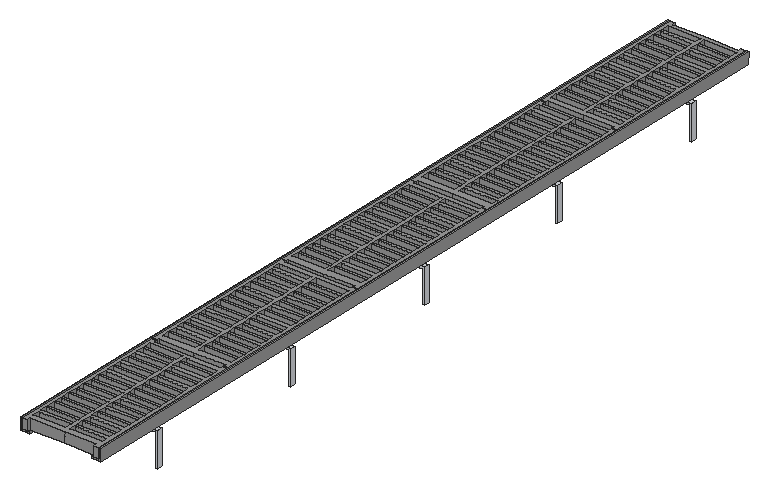
Revit family "Frame_Grate_12_Inch_Frame_Z712-HDG", category Plumbing Fixtures, Revit 2022
Family settings
  Round Connector Dimension = Use Radius
  Part Type = Normal
  OmniClass Number = 23.70.50.21.24.14
  OmniClass Title = Deck Waste Water Drains
  Work Plane-Based = No
  Always vertical = Yes
  Cut with Voids When Loaded = No
  Maintain Annotation Orientation = No
  Shared = No
  Room Calculation Point = No
Parameters (values of type "Z712-HDG")
  Waste Connection = 1 = 1  # yes
  WFU = 1  # constant formula
  Vent Connection = 1 = 0  # no
  URL = "www.zurn.com"
  Type Comments = ""
  Product data url = "https://bimobject.com/zurnindustries/product/Z712-HDG"
  Product Page URL = "https://www.zurn.com/products/drainage-interceptors/trench-drain-systems/frame-and-grate/z712-hdg"
  Product Documentation Link = "https://files.zurn.com/spec-sheets/303231.pdf"
  Modified Date = "11/28/2025"  # constant formula
  Model = "Z712-HDG"
  Material_Grate = Steel - Zurn  - Galvanized
  Manufacurer Brand = "Zurn"  # constant formula
  Manufacturer = "Zurn Water, LLC"  # constant formula
  HWFU = 0  # constant formula
  HW Connection = 1 = 0  # no
  Description = "12 [305] INCH WIDE REVEAL FRAME AND GRATE SYSTEM WITH GALVANIZED STEEL FRAME"  # constant formula
  Default Elevation = 10.000"  # constant formula
  Date Created = "11/26/2025"  # constant formula
  CWFU = 0  # constant formula
  CW Connection = 1 = 0  # no
  Assembly Code = "D2030300"
Reference planes (in)
  plane 1 "Center (Front/Back)": y = 0
  plane 2: z = 0
  plane 3 "Center (Left/Right)": x = 0
  plane 4: y = -60
  plane 5: y = 60
  plane 6: z = -1.75
  plane 7: z = -2
  plane 8: x = -6
  plane 9: x = 6
  plane 10: z = -2.5
  plane 11: x = 5.75
  plane 12: x = -5.75
  plane 13: z = -1.5
  plane 14: x = -4.625
  plane 15: x = 4.625
  plane 16: z = -1.5
  plane 17: y = -23.56
  plane 18: y = -47.5
  plane 19: y = -23.531
  plane 20: y = -23.5455
  plane 21: y = 0.409
  plane 22: y = 24.378
  plane 23: y = 0.438
  plane 24: x = -5.375
  plane 25: y = -36.46
  plane 26: y = -36.06
  plane 27: y = -59.6
  plane 28: y = -60
  plane 29: y = 24.407
  plane 30: y = 24.3925
  plane 31: x = -5
  plane 32: y = -23.5455
  plane 33: y = 0.4235
  plane 34: y = -36.48756
  plane 35: y = -36.48756
  plane 36: y = -37.48756
  plane 37: y = -60
  plane 38: y = -47.529
  plane 39: x = 5.125
  plane 40: x = -5.125
  plane 41: x = 0.25
  plane 42: x = -0.25
  plane 43: x = 5.625
  plane 44: x = -5.625
  plane 45: y = -12.48756
  plane 46: y = -12.48756
  plane 47: y = -13.48756
  plane 48: y = 11.51244
  plane 49: y = 11.51244
  plane 50: y = 10.51244
  plane 51: y = 35.62554
  plane 52: y = 35.62554
  plane 53: y = 34.62554
  plane 54: y = 59.51244
  plane 55: y = 59.51244
  plane 56: y = 58.51244
  plane 57: y = -36.48756
  plane 58: y = -36.48756
  plane 59: y = -37.48756
  plane 60: y = -12.48756
  plane 61: y = -12.48756
  plane 62: y = -13.48756
  plane 63: y = 11.51244
  plane 64: y = 11.51244
  plane 65: y = 10.51244
  plane 66: y = 35.62554
  plane 67: y = 35.62554
  plane 68: y = 34.62554
  plane 69: y = 59.51244
  plane 70: y = 59.51244
  plane 71: y = 58.51244
  plane 72: z = -6.75
  plane 73: x = 6.548
  plane 74: x = -6.548
  plane 75: x = -6.298
  plane 76: x = 6.298
  plane 77: y = 49.5
  plane 78: y = 48.75
  plane 79: y = 24
  plane 80: y = 24.75
  plane 81: y = -0.75
  plane 82: y = -25.5
  plane 83: y = -24.75
  plane 84: y = -49.5
  plane 85: y = -50.25
Forms (in)
  Extrusion 1, solid, material "Steel - Zurn  - Galvanized" <- "Material_Grate", detail levels fine
    sketch origin (0, 0, 0) x (1, 0, 0) y (0, 0, 1)
      loop
        line (-6, 0) -> (-6, -1.75) -> (-4.625, -1.75) -> (-4.625, -1.5) -> (-5.75, -1.5) -> (-5.75, 0) -> (-6, 0)
      loop
        line (6, 0) -> (5.75, 0) -> (5.75, -1.5) -> (4.625, -1.5) -> (4.625, -1.75) -> (6, -1.75) -> (6, 0)
    from -60 to 60
  Extrusion 2, solid, material "Steel - Zurn  - Galvanized" <- "Material_Grate", detail levels fine
    sketch origin (0.25, -12.5, 0) x (1, 0, 0) y (0, 1, 0)
      loop
        line (-5.875, -47.5) -> (-5.1875, -47.5) -> (-5.1875, -47.1) -> (0, -47.1) -> (4.687, -47.1) -> (4.687, -47.5) -> (5.375, -47.5) -> (5.375, -23.56) -> (4.687, -23.56) -> (4.687, -23.96) -> (0, -23.96) -> (-5.1875, -23.96) -> (-5.1875, -23.56) -> (-5.875, -23.56) -> (-5.875, -47.5)
      loop
        line (-5.875, 0.48) -> (-5.875, -23.46) -> (-5.1875, -23.46) -> (-5.1875, -23.06) -> (0, -23.06) -> (4.687, -23.06) -> (4.687, -23.46) -> (5.375, -23.46) -> (5.375, 0.48) -> (4.687, 0.48) -> (4.687, 0.17441) -> (0, 0.17441) -> (-5.1875, 0.17441) -> (-5.1875, 0.48) -> (-5.875, 0.48)
      loop
        line (-5.875, 72.5) -> (-5.875, 48.56) -> (-5.1875, 48.56) -> (-5.1875, 48.96) -> (0, 48.96) -> (4.687, 48.96) -> (4.687, 48.56) -> (5.375, 48.56) -> (5.375, 72.5) -> (4.687, 72.5) -> (4.687, 72.1) -> (0, 72.1) -> (-5.1875, 72.1) -> (-5.1875, 72.5) -> (-5.875, 72.5)
      loop
        line (-5.875, 24.52) -> (-5.1875, 24.52) -> (-5.1875, 24.82559) -> (0, 24.82559) -> (4.687, 24.82559) -> (4.687, 24.52) -> (5.375, 24.52) -> (5.375, 48.46) -> (4.687, 48.46) -> (4.687, 48.06) -> (0, 48.06) -> (-5.1875, 48.06) -> (-5.1875, 48.46) -> (-5.875, 48.46) -> (-5.875, 24.52)
      loop
        line (-5.875, 0.52729) -> (-5.1875, 0.52729) -> (-5.1875, 0.83288) -> (0, 0.83288) -> (4.687, 0.83288) -> (4.687, 0.52729) -> (5.375, 0.52729) -> (5.375, 24.46729) -> (4.687, 24.46729) -> (4.687, 24.06729) -> (0, 24.06729) -> (-5.1875, 24.06729) -> (-5.1875, 24.46729) -> (-5.875, 24.46729) -> (-5.875, 0.52729)
    from -1.5 to 0
  Extrusion 3, void
    sketch origin (0, 9.25244, 0) x (-1, 0, 0) y (0, -1, 0)
      loop
        line (-5.125, 48.7025) -> (-5.125, 47.7025) -> (-0.25, 47.7025) -> (-0.25, 48.7025) -> (-5.125, 48.7025)
      loop
        line (-5.125, 50.0775) -> (-5.125, 49.0775) -> (-0.25, 49.0775) -> (-0.25, 50.0775) -> (-5.125, 50.0775)
      loop
        line (-5.125, 51.4525) -> (-5.125, 50.4525) -> (-0.25, 50.4525) -> (-0.25, 51.4525) -> (-5.125, 51.4525)
      loop
        line (-5.125, 52.8275) -> (-5.125, 51.8275) -> (-0.25, 51.8275) -> (-0.25, 52.8275) -> (-5.125, 52.8275)
      loop
        line (-5.125, 54.2025) -> (-5.125, 53.2025) -> (-0.25, 53.2025) -> (-0.25, 54.2025) -> (-5.125, 54.2025)
      loop
        line (-5.125, 55.5775) -> (-5.125, 54.5775) -> (-0.25, 54.5775) -> (-0.25, 55.5775) -> (-5.125, 55.5775)
      loop
        line (-5.125, 56.9525) -> (-5.125, 55.9525) -> (-0.25, 55.9525) -> (-0.25, 56.9525) -> (-5.125, 56.9525)
      loop
        line (-5.125, 58.3275) -> (-5.125, 57.3275) -> (-0.25, 57.3275) -> (-0.25, 58.3275) -> (-5.125, 58.3275)
      loop
        line (-5.125, 59.7025) -> (-5.125, 58.7025) -> (-0.25, 58.7025) -> (-0.25, 59.7025) -> (-5.125, 59.7025)
      loop
        line (-5.125, 61.0775) -> (-5.125, 60.0775) -> (-0.25, 60.0775) -> (-0.25, 61.0775) -> (-5.125, 61.0775)
      loop
        line (-5.125, 62.4525) -> (-5.125, 61.4525) -> (-0.25, 61.4525) -> (-0.25, 62.4525) -> (-5.125, 62.4525)
      loop
        line (-5.125, 63.8275) -> (-5.125, 62.8275) -> (-0.25, 62.8275) -> (-0.25, 63.8275) -> (-5.125, 63.8275)
      loop
        line (-5.125, 65.2025) -> (-5.125, 64.2025) -> (-0.25, 64.2025) -> (-0.25, 65.2025) -> (-5.125, 65.2025)
      loop
        line (-5.125, 66.5775) -> (-5.125, 65.5775) -> (-0.25, 65.5775) -> (-0.25, 66.5775) -> (-5.125, 66.5775)
      loop
        line (-5.125, 67.9525) -> (-5.125, 66.9525) -> (-0.25, 66.9525) -> (-0.25, 67.9525) -> (-5.125, 67.9525)
      loop
        line (-5.125, 47.3275) -> (-5.125, 46.3275) -> (-0.25, 46.3275) -> (-0.25, 47.3275) -> (-5.125, 47.3275)
      loop
        line (5.125, 48.7025) -> (0.25, 48.7025) -> (0.25, 47.7025) -> (5.125, 47.7025) -> (5.125, 48.7025)
      loop
        line (5.125, 50.0775) -> (0.25, 50.0775) -> (0.25, 49.0775) -> (5.125, 49.0775) -> (5.125, 50.0775)
      loop
        line (5.125, 51.4525) -> (0.25, 51.4525) -> (0.25, 50.4525) -> (5.125, 50.4525) -> (5.125, 51.4525)
      loop
        line (5.125, 52.8275) -> (0.25, 52.8275) -> (0.25, 51.8275) -> (5.125, 51.8275) -> (5.125, 52.8275)
      loop
        line (5.125, 54.2025) -> (0.25, 54.2025) -> (0.25, 53.2025) -> (5.125, 53.2025) -> (5.125, 54.2025)
      loop
        line (5.125, 55.5775) -> (0.25, 55.5775) -> (0.25, 54.5775) -> (5.125, 54.5775) -> (5.125, 55.5775)
      loop
        line (5.125, 56.9525) -> (0.25, 56.9525) -> (0.25, 55.9525) -> (5.125, 55.9525) -> (5.125, 56.9525)
      loop
        line (5.125, 58.3275) -> (0.25, 58.3275) -> (0.25, 57.3275) -> (5.125, 57.3275) -> (5.125, 58.3275)
      loop
        line (5.125, 59.7025) -> (0.25, 59.7025) -> (0.25, 58.7025) -> (5.125, 58.7025) -> (5.125, 59.7025)
      loop
        line (5.125, 61.0775) -> (0.25, 61.0775) -> (0.25, 60.0775) -> (5.125, 60.0775) -> (5.125, 61.0775)
      loop
        line (5.125, 62.4525) -> (0.25, 62.4525) -> (0.25, 61.4525) -> (5.125, 61.4525) -> (5.125, 62.4525)
      loop
        line (5.125, 63.8275) -> (0.25, 63.8275) -> (0.25, 62.8275) -> (5.125, 62.8275) -> (5.125, 63.8275)
      loop
        line (5.125, 65.2025) -> (0.25, 65.2025) -> (0.25, 64.2025) -> (5.125, 64.2025) -> (5.125, 65.2025)
      loop
        line (5.125, 66.5775) -> (0.25, 66.5775) -> (0.25, 65.5775) -> (5.125, 65.5775) -> (5.125, 66.5775)
      loop
        line (5.125, 67.9525) -> (0.25, 67.9525) -> (0.25, 66.9525) -> (5.125, 66.9525) -> (5.125, 67.9525)
      loop
        line (5.125, 47.3275) -> (0.25, 47.3275) -> (0.25, 46.3275) -> (5.125, 46.3275) -> (5.125, 47.3275)
    from -1.5 to 0
  Extrusion 4, solid, detail levels fine
    sketch origin (0, 0, 0) x (1, 0, 0) y (0, 0, 1)
      loop
        line (5.125, -2) -> (6.298, -2) -> (6.298, -6.75) -> (6.548, -6.75) -> (6.548, -1.75) -> (5.125, -1.75) -> (5.125, -2)
      loop
        line (-6.548, -1.75) -> (-6.548, -6.75) -> (-6.298, -6.75) -> (-6.298, -2) -> (-5.125, -2) -> (-5.125, -1.75) -> (-6.548, -1.75)
    from 0 to 0.75
  Extrusion 5, void
    sketch origin (0, 33.25244, 0) x (-1, 0, 0) y (0, -1, 0)
      loop
        line (-5.125, 48.7025) -> (-5.125, 47.7025) -> (-0.25, 47.7025) -> (-0.25, 48.7025) -> (-5.125, 48.7025)
      loop
        line (-5.125, 50.0775) -> (-5.125, 49.0775) -> (-0.25, 49.0775) -> (-0.25, 50.0775) -> (-5.125, 50.0775)
      loop
        line (-5.125, 51.4525) -> (-5.125, 50.4525) -> (-0.25, 50.4525) -> (-0.25, 51.4525) -> (-5.125, 51.4525)
      loop
        line (-5.125, 52.8275) -> (-5.125, 51.8275) -> (-0.25, 51.8275) -> (-0.25, 52.8275) -> (-5.125, 52.8275)
      loop
        line (-5.125, 54.2025) -> (-5.125, 53.2025) -> (-0.25, 53.2025) -> (-0.25, 54.2025) -> (-5.125, 54.2025)
      loop
        line (-5.125, 55.5775) -> (-5.125, 54.5775) -> (-0.25, 54.5775) -> (-0.25, 55.5775) -> (-5.125, 55.5775)
      loop
        line (-5.125, 56.9525) -> (-5.125, 55.9525) -> (-0.25, 55.9525) -> (-0.25, 56.9525) -> (-5.125, 56.9525)
      loop
        line (-5.125, 58.3275) -> (-5.125, 57.3275) -> (-0.25, 57.3275) -> (-0.25, 58.3275) -> (-5.125, 58.3275)
      loop
        line (-5.125, 59.7025) -> (-5.125, 58.7025) -> (-0.25, 58.7025) -> (-0.25, 59.7025) -> (-5.125, 59.7025)
      loop
        line (-5.125, 61.0775) -> (-5.125, 60.0775) -> (-0.25, 60.0775) -> (-0.25, 61.0775) -> (-5.125, 61.0775)
      loop
        line (-5.125, 62.4525) -> (-5.125, 61.4525) -> (-0.25, 61.4525) -> (-0.25, 62.4525) -> (-5.125, 62.4525)
      loop
        line (-5.125, 63.8275) -> (-5.125, 62.8275) -> (-0.25, 62.8275) -> (-0.25, 63.8275) -> (-5.125, 63.8275)
      loop
        line (-5.125, 65.2025) -> (-5.125, 64.2025) -> (-0.25, 64.2025) -> (-0.25, 65.2025) -> (-5.125, 65.2025)
      loop
        line (-5.125, 66.5775) -> (-5.125, 65.5775) -> (-0.25, 65.5775) -> (-0.25, 66.5775) -> (-5.125, 66.5775)
      loop
        line (-5.125, 67.9525) -> (-5.125, 66.9525) -> (-0.25, 66.9525) -> (-0.25, 67.9525) -> (-5.125, 67.9525)
      loop
        line (-5.125, 47.3275) -> (-5.125, 46.3275) -> (-0.25, 46.3275) -> (-0.25, 47.3275) -> (-5.125, 47.3275)
      loop
        line (5.125, 48.7025) -> (0.25, 48.7025) -> (0.25, 47.7025) -> (5.125, 47.7025) -> (5.125, 48.7025)
      loop
        line (5.125, 50.0775) -> (0.25, 50.0775) -> (0.25, 49.0775) -> (5.125, 49.0775) -> (5.125, 50.0775)
      loop
        line (5.125, 51.4525) -> (0.25, 51.4525) -> (0.25, 50.4525) -> (5.125, 50.4525) -> (5.125, 51.4525)
      loop
        line (5.125, 52.8275) -> (0.25, 52.8275) -> (0.25, 51.8275) -> (5.125, 51.8275) -> (5.125, 52.8275)
      loop
        line (5.125, 54.2025) -> (0.25, 54.2025) -> (0.25, 53.2025) -> (5.125, 53.2025) -> (5.125, 54.2025)
      loop
        line (5.125, 55.5775) -> (0.25, 55.5775) -> (0.25, 54.5775) -> (5.125, 54.5775) -> (5.125, 55.5775)
      loop
        line (5.125, 56.9525) -> (0.25, 56.9525) -> (0.25, 55.9525) -> (5.125, 55.9525) -> (5.125, 56.9525)
      loop
        line (5.125, 58.3275) -> (0.25, 58.3275) -> (0.25, 57.3275) -> (5.125, 57.3275) -> (5.125, 58.3275)
      loop
        line (5.125, 59.7025) -> (0.25, 59.7025) -> (0.25, 58.7025) -> (5.125, 58.7025) -> (5.125, 59.7025)
      loop
        line (5.125, 61.0775) -> (0.25, 61.0775) -> (0.25, 60.0775) -> (5.125, 60.0775) -> (5.125, 61.0775)
      loop
        line (5.125, 62.4525) -> (0.25, 62.4525) -> (0.25, 61.4525) -> (5.125, 61.4525) -> (5.125, 62.4525)
      loop
        line (5.125, 63.8275) -> (0.25, 63.8275) -> (0.25, 62.8275) -> (5.125, 62.8275) -> (5.125, 63.8275)
      loop
        line (5.125, 65.2025) -> (0.25, 65.2025) -> (0.25, 64.2025) -> (5.125, 64.2025) -> (5.125, 65.2025)
      loop
        line (5.125, 66.5775) -> (0.25, 66.5775) -> (0.25, 65.5775) -> (5.125, 65.5775) -> (5.125, 66.5775)
      loop
        line (5.125, 67.9525) -> (0.25, 67.9525) -> (0.25, 66.9525) -> (5.125, 66.9525) -> (5.125, 67.9525)
      loop
        line (5.125, 47.3275) -> (0.25, 47.3275) -> (0.25, 46.3275) -> (5.125, 46.3275) -> (5.125, 47.3275)
    from -1.5 to 0
  Extrusion 6, void
    sketch origin (0, 57.25244, 0) x (-1, 0, 0) y (0, -1, 0)
      loop
        line (-5.125, 48.7025) -> (-5.125, 47.7025) -> (-0.25, 47.7025) -> (-0.25, 48.7025) -> (-5.125, 48.7025)
      loop
        line (-5.125, 50.0775) -> (-5.125, 49.0775) -> (-0.25, 49.0775) -> (-0.25, 50.0775) -> (-5.125, 50.0775)
      loop
        line (-5.125, 51.4525) -> (-5.125, 50.4525) -> (-0.25, 50.4525) -> (-0.25, 51.4525) -> (-5.125, 51.4525)
      loop
        line (-5.125, 52.8275) -> (-5.125, 51.8275) -> (-0.25, 51.8275) -> (-0.25, 52.8275) -> (-5.125, 52.8275)
      loop
        line (-5.125, 54.2025) -> (-5.125, 53.2025) -> (-0.25, 53.2025) -> (-0.25, 54.2025) -> (-5.125, 54.2025)
      loop
        line (-5.125, 55.5775) -> (-5.125, 54.5775) -> (-0.25, 54.5775) -> (-0.25, 55.5775) -> (-5.125, 55.5775)
      loop
        line (-5.125, 56.9525) -> (-5.125, 55.9525) -> (-0.25, 55.9525) -> (-0.25, 56.9525) -> (-5.125, 56.9525)
      loop
        line (-5.125, 58.3275) -> (-5.125, 57.3275) -> (-0.25, 57.3275) -> (-0.25, 58.3275) -> (-5.125, 58.3275)
      loop
        line (-5.125, 59.7025) -> (-5.125, 58.7025) -> (-0.25, 58.7025) -> (-0.25, 59.7025) -> (-5.125, 59.7025)
      loop
        line (-5.125, 61.0775) -> (-5.125, 60.0775) -> (-0.25, 60.0775) -> (-0.25, 61.0775) -> (-5.125, 61.0775)
      loop
        line (-5.125, 62.4525) -> (-5.125, 61.4525) -> (-0.25, 61.4525) -> (-0.25, 62.4525) -> (-5.125, 62.4525)
      loop
        line (-5.125, 63.8275) -> (-5.125, 62.8275) -> (-0.25, 62.8275) -> (-0.25, 63.8275) -> (-5.125, 63.8275)
      loop
        line (-5.125, 65.2025) -> (-5.125, 64.2025) -> (-0.25, 64.2025) -> (-0.25, 65.2025) -> (-5.125, 65.2025)
      loop
        line (-5.125, 66.5775) -> (-5.125, 65.5775) -> (-0.25, 65.5775) -> (-0.25, 66.5775) -> (-5.125, 66.5775)
      loop
        line (-5.125, 67.9525) -> (-5.125, 66.9525) -> (-0.25, 66.9525) -> (-0.25, 67.9525) -> (-5.125, 67.9525)
      loop
        line (-5.125, 47.3275) -> (-5.125, 46.3275) -> (-0.25, 46.3275) -> (-0.25, 47.3275) -> (-5.125, 47.3275)
      loop
        line (5.125, 48.7025) -> (0.25, 48.7025) -> (0.25, 47.7025) -> (5.125, 47.7025) -> (5.125, 48.7025)
      loop
        line (5.125, 50.0775) -> (0.25, 50.0775) -> (0.25, 49.0775) -> (5.125, 49.0775) -> (5.125, 50.0775)
      loop
        line (5.125, 51.4525) -> (0.25, 51.4525) -> (0.25, 50.4525) -> (5.125, 50.4525) -> (5.125, 51.4525)
      loop
        line (5.125, 52.8275) -> (0.25, 52.8275) -> (0.25, 51.8275) -> (5.125, 51.8275) -> (5.125, 52.8275)
      loop
        line (5.125, 54.2025) -> (0.25, 54.2025) -> (0.25, 53.2025) -> (5.125, 53.2025) -> (5.125, 54.2025)
      loop
        line (5.125, 55.5775) -> (0.25, 55.5775) -> (0.25, 54.5775) -> (5.125, 54.5775) -> (5.125, 55.5775)
      loop
        line (5.125, 56.9525) -> (0.25, 56.9525) -> (0.25, 55.9525) -> (5.125, 55.9525) -> (5.125, 56.9525)
      loop
        line (5.125, 58.3275) -> (0.25, 58.3275) -> (0.25, 57.3275) -> (5.125, 57.3275) -> (5.125, 58.3275)
      loop
        line (5.125, 59.7025) -> (0.25, 59.7025) -> (0.25, 58.7025) -> (5.125, 58.7025) -> (5.125, 59.7025)
      loop
        line (5.125, 61.0775) -> (0.25, 61.0775) -> (0.25, 60.0775) -> (5.125, 60.0775) -> (5.125, 61.0775)
      loop
        line (5.125, 62.4525) -> (0.25, 62.4525) -> (0.25, 61.4525) -> (5.125, 61.4525) -> (5.125, 62.4525)
      loop
        line (5.125, 63.8275) -> (0.25, 63.8275) -> (0.25, 62.8275) -> (5.125, 62.8275) -> (5.125, 63.8275)
      loop
        line (5.125, 65.2025) -> (0.25, 65.2025) -> (0.25, 64.2025) -> (5.125, 64.2025) -> (5.125, 65.2025)
      loop
        line (5.125, 66.5775) -> (0.25, 66.5775) -> (0.25, 65.5775) -> (5.125, 65.5775) -> (5.125, 66.5775)
      loop
        line (5.125, 67.9525) -> (0.25, 67.9525) -> (0.25, 66.9525) -> (5.125, 66.9525) -> (5.125, 67.9525)
      loop
        line (5.125, 47.3275) -> (0.25, 47.3275) -> (0.25, 46.3275) -> (5.125, 46.3275) -> (5.125, 47.3275)
    from -1.5 to 0
  Extrusion 7, void
    sketch origin (0.25, 81.36554, 0) x (-1, 0, 0) y (0, -1, 0)
      loop
        line (-4.875, 48.7025) -> (-4.875, 47.7025) -> (0, 47.7025) -> (0, 48.7025) -> (-4.875, 48.7025)
      loop
        line (-4.875, 50.0775) -> (-4.875, 49.0775) -> (0, 49.0775) -> (0, 50.0775) -> (-4.875, 50.0775)
      loop
        line (-4.875, 51.4525) -> (-4.875, 50.4525) -> (0, 50.4525) -> (0, 51.4525) -> (-4.875, 51.4525)
      loop
        line (-4.875, 52.8275) -> (-4.875, 51.8275) -> (0, 51.8275) -> (0, 52.8275) -> (-4.875, 52.8275)
      loop
        line (-4.875, 54.2025) -> (-4.875, 53.2025) -> (0, 53.2025) -> (0, 54.2025) -> (-4.875, 54.2025)
      loop
        line (-4.875, 55.5775) -> (-4.875, 54.5775) -> (0, 54.5775) -> (0, 55.5775) -> (-4.875, 55.5775)
      loop
        line (-4.875, 56.9525) -> (-4.875, 55.9525) -> (0, 55.9525) -> (0, 56.9525) -> (-4.875, 56.9525)
      loop
        line (-4.875, 58.3275) -> (-4.875, 57.3275) -> (0, 57.3275) -> (0, 58.3275) -> (-4.875, 58.3275)
      loop
        line (-4.875, 59.7025) -> (-4.875, 58.7025) -> (0, 58.7025) -> (0, 59.7025) -> (-4.875, 59.7025)
      loop
        line (-4.875, 61.0775) -> (-4.875, 60.0775) -> (0, 60.0775) -> (0, 61.0775) -> (-4.875, 61.0775)
      loop
        line (-4.875, 62.4525) -> (-4.875, 61.4525) -> (0, 61.4525) -> (0, 62.4525) -> (-4.875, 62.4525)
      loop
        line (-4.875, 63.8275) -> (-4.875, 62.8275) -> (0, 62.8275) -> (0, 63.8275) -> (-4.875, 63.8275)
      loop
        line (-4.875, 65.2025) -> (-4.875, 64.2025) -> (0, 64.2025) -> (0, 65.2025) -> (-4.875, 65.2025)
      loop
        line (-4.875, 66.5775) -> (-4.875, 65.5775) -> (0, 65.5775) -> (0, 66.5775) -> (-4.875, 66.5775)
      loop
        line (-5, 67.9525) -> (-5, 66.9525) -> (0, 66.9525) -> (0, 67.9525) -> (-5, 67.9525)
      loop
        line (-4.875, 47.3275) -> (-4.875, 46.3275) -> (0, 46.3275) -> (0, 47.3275) -> (-4.875, 47.3275)
      loop
        line (5.375, 48.7025) -> (0.5, 48.7025) -> (0.5, 47.7025) -> (5.375, 47.7025) -> (5.375, 48.7025)
      loop
        line (5.375, 50.0775) -> (0.5, 50.0775) -> (0.5, 49.0775) -> (5.375, 49.0775) -> (5.375, 50.0775)
      loop
        line (5.375, 51.4525) -> (0.5, 51.4525) -> (0.5, 50.4525) -> (5.375, 50.4525) -> (5.375, 51.4525)
      loop
        line (5.375, 52.8275) -> (0.5, 52.8275) -> (0.5, 51.8275) -> (5.375, 51.8275) -> (5.375, 52.8275)
      loop
        line (5.375, 54.2025) -> (0.5, 54.2025) -> (0.5, 53.2025) -> (5.375, 53.2025) -> (5.375, 54.2025)
      loop
        line (5.375, 55.5775) -> (0.5, 55.5775) -> (0.5, 54.5775) -> (5.375, 54.5775) -> (5.375, 55.5775)
      loop
        line (5.375, 56.9525) -> (0.5, 56.9525) -> (0.5, 55.9525) -> (5.375, 55.9525) -> (5.375, 56.9525)
      loop
        line (5.375, 58.3275) -> (0.5, 58.3275) -> (0.5, 57.3275) -> (5.375, 57.3275) -> (5.375, 58.3275)
      loop
        line (5.375, 59.7025) -> (0.5, 59.7025) -> (0.5, 58.7025) -> (5.375, 58.7025) -> (5.375, 59.7025)
      loop
        line (5.375, 61.0775) -> (0.5, 61.0775) -> (0.5, 60.0775) -> (5.375, 60.0775) -> (5.375, 61.0775)
      loop
        line (5.375, 62.4525) -> (0.5, 62.4525) -> (0.5, 61.4525) -> (5.375, 61.4525) -> (5.375, 62.4525)
      loop
        line (5.375, 63.8275) -> (0.5, 63.8275) -> (0.5, 62.8275) -> (5.375, 62.8275) -> (5.375, 63.8275)
      loop
        line (5.375, 65.2025) -> (0.5, 65.2025) -> (0.5, 64.2025) -> (5.375, 64.2025) -> (5.375, 65.2025)
      loop
        line (5.375, 66.5775) -> (0.5, 66.5775) -> (0.5, 65.5775) -> (5.375, 65.5775) -> (5.375, 66.5775)
      loop
        line (5.375, 67.9525) -> (0.5, 67.9525) -> (0.5, 66.9525) -> (5.375, 66.9525) -> (5.375, 67.9525)
      loop
        line (5.375, 47.3275) -> (0.5, 47.3275) -> (0.5, 46.3275) -> (5.375, 46.3275) -> (5.375, 47.3275)
    from -1.5 to 0
  Extrusion 8, void
    sketch origin (0, 105.25244, 0) x (-1, 0, 0) y (0, -1, 0)
      loop
        line (-5.125, 48.7025) -> (-5.125, 47.7025) -> (-0.25, 47.7025) -> (-0.25, 48.7025) -> (-5.125, 48.7025)
      loop
        line (-5.125, 50.0775) -> (-5.125, 49.0775) -> (-0.25, 49.0775) -> (-0.25, 50.0775) -> (-5.125, 50.0775)
      loop
        line (-5.125, 51.4525) -> (-5.125, 50.4525) -> (-0.25, 50.4525) -> (-0.25, 51.4525) -> (-5.125, 51.4525)
      loop
        line (-5.125, 52.8275) -> (-5.125, 51.8275) -> (-0.25, 51.8275) -> (-0.25, 52.8275) -> (-5.125, 52.8275)
      loop
        line (-5.125, 54.2025) -> (-5.125, 53.2025) -> (-0.25, 53.2025) -> (-0.25, 54.2025) -> (-5.125, 54.2025)
      loop
        line (-5.125, 55.5775) -> (-5.125, 54.5775) -> (-0.25, 54.5775) -> (-0.25, 55.5775) -> (-5.125, 55.5775)
      loop
        line (-5.125, 56.9525) -> (-5.125, 55.9525) -> (-0.25, 55.9525) -> (-0.25, 56.9525) -> (-5.125, 56.9525)
      loop
        line (-5.125, 58.3275) -> (-5.125, 57.3275) -> (-0.25, 57.3275) -> (-0.25, 58.3275) -> (-5.125, 58.3275)
      loop
        line (-5.125, 59.7025) -> (-5.125, 58.7025) -> (-0.25, 58.7025) -> (-0.25, 59.7025) -> (-5.125, 59.7025)
      loop
        line (-5.125, 61.0775) -> (-5.125, 60.0775) -> (-0.25, 60.0775) -> (-0.25, 61.0775) -> (-5.125, 61.0775)
      loop
        line (-5.125, 62.4525) -> (-5.125, 61.4525) -> (-0.25, 61.4525) -> (-0.25, 62.4525) -> (-5.125, 62.4525)
      loop
        line (-5.125, 63.8275) -> (-5.125, 62.8275) -> (-0.25, 62.8275) -> (-0.25, 63.8275) -> (-5.125, 63.8275)
      loop
        line (-5.125, 65.2025) -> (-5.125, 64.2025) -> (-0.25, 64.2025) -> (-0.25, 65.2025) -> (-5.125, 65.2025)
      loop
        line (-5.125, 66.5775) -> (-5.125, 65.5775) -> (-0.25, 65.5775) -> (-0.25, 66.5775) -> (-5.125, 66.5775)
      loop
        line (-5.125, 67.9525) -> (-5.125, 66.9525) -> (-0.25, 66.9525) -> (-0.25, 67.9525) -> (-5.125, 67.9525)
      loop
        line (-5.125, 47.3275) -> (-5.125, 46.3275) -> (-0.25, 46.3275) -> (-0.25, 47.3275) -> (-5.125, 47.3275)
      loop
        line (5.125, 48.7025) -> (0.25, 48.7025) -> (0.25, 47.7025) -> (5.125, 47.7025) -> (5.125, 48.7025)
      loop
        line (5.125, 50.0775) -> (0.25, 50.0775) -> (0.25, 49.0775) -> (5.125, 49.0775) -> (5.125, 50.0775)
      loop
        line (5.125, 51.4525) -> (0.25, 51.4525) -> (0.25, 50.4525) -> (5.125, 50.4525) -> (5.125, 51.4525)
      loop
        line (5.125, 52.8275) -> (0.25, 52.8275) -> (0.25, 51.8275) -> (5.125, 51.8275) -> (5.125, 52.8275)
      loop
        line (5.125, 54.2025) -> (0.25, 54.2025) -> (0.25, 53.2025) -> (5.125, 53.2025) -> (5.125, 54.2025)
      loop
        line (5.125, 55.5775) -> (0.25, 55.5775) -> (0.25, 54.5775) -> (5.125, 54.5775) -> (5.125, 55.5775)
      loop
        line (5.125, 56.9525) -> (0.25, 56.9525) -> (0.25, 55.9525) -> (5.125, 55.9525) -> (5.125, 56.9525)
      loop
        line (5.125, 58.3275) -> (0.25, 58.3275) -> (0.25, 57.3275) -> (5.125, 57.3275) -> (5.125, 58.3275)
      loop
        line (5.125, 59.7025) -> (0.25, 59.7025) -> (0.25, 58.7025) -> (5.125, 58.7025) -> (5.125, 59.7025)
      loop
        line (5.125, 61.0775) -> (0.25, 61.0775) -> (0.25, 60.0775) -> (5.125, 60.0775) -> (5.125, 61.0775)
      loop
        line (5.125, 62.4525) -> (0.25, 62.4525) -> (0.25, 61.4525) -> (5.125, 61.4525) -> (5.125, 62.4525)
      loop
        line (5.125, 63.8275) -> (0.25, 63.8275) -> (0.25, 62.8275) -> (5.125, 62.8275) -> (5.125, 63.8275)
      loop
        line (5.125, 65.2025) -> (0.25, 65.2025) -> (0.25, 64.2025) -> (5.125, 64.2025) -> (5.125, 65.2025)
      loop
        line (5.125, 66.5775) -> (0.25, 66.5775) -> (0.25, 65.5775) -> (5.125, 65.5775) -> (5.125, 66.5775)
      loop
        line (5.125, 67.9525) -> (0.25, 67.9525) -> (0.25, 66.9525) -> (5.125, 66.9525) -> (5.125, 67.9525)
      loop
        line (5.125, 47.3275) -> (0.25, 47.3275) -> (0.25, 46.3275) -> (5.125, 46.3275) -> (5.125, 47.3275)
    from -1.5 to 0
  Extrusion 9, solid, detail levels fine
    sketch origin (0, 24.75, 0) x (1, 0, 0) y (0, 0, 1)
      loop
        line (5.125, -1.75) -> (5.125, -2) -> (6.298, -2) -> (6.298, -6.75) -> (6.548, -6.75) -> (6.548, -1.75) -> (5.125, -1.75)
      loop
        line (-6.548, -1.75) -> (-6.548, -6.75) -> (-6.298, -6.75) -> (-6.298, -2) -> (-5.125, -2) -> (-5.125, -1.75) -> (-6.548, -1.75)
    from 0 to 0.75
  Extrusion 10, solid, detail levels fine
    sketch origin (0, 49.5, 0) x (1, 0, 0) y (0, 0, 1)
      loop
        line (5.125, -1.75) -> (5.125, -2) -> (6.298, -2) -> (6.298, -6.75) -> (6.548, -6.75) -> (6.548, -1.75) -> (5.125, -1.75)
      loop
        line (-6.548, -1.75) -> (-6.548, -6.75) -> (-6.298, -6.75) -> (-6.298, -2) -> (-5.125, -2) -> (-5.125, -1.75) -> (-6.548, -1.75)
    from 0 to 0.75
  Extrusion 11, solid, detail levels fine
    sketch origin (0, -27.94565, 0) x (1, 0, 0) y (0, 0, 1)
      loop
        line (5.125, -1.75) -> (5.125, -2) -> (6.298, -2) -> (6.298, -6.75) -> (6.548, -6.75) -> (6.548, -1.75) -> (5.125, -1.75)
      loop
        line (-6.548, -1.75) -> (-6.548, -6.75) -> (-6.298, -6.75) -> (-6.298, -2) -> (-5.125, -2) -> (-5.125, -1.75) -> (-6.548, -1.75)
    from -3.19565 to -2.44565
  Extrusion 12, solid, detail levels fine
    sketch origin (0, -54.78261, 0) x (1, 0, 0) y (0, 0, 1)
      loop
        line (5.125, -1.75) -> (5.125, -2) -> (6.298, -2) -> (6.298, -6.75) -> (6.548, -6.75) -> (6.548, -1.75) -> (5.125, -1.75)
      loop
        line (-6.548, -1.75) -> (-6.548, -6.75) -> (-6.298, -6.75) -> (-6.298, -2) -> (-5.125, -2) -> (-5.125, -1.75) -> (-6.548, -1.75)
    from -5.28261 to -4.53261
  Extrusion 13, void, not visible
    sketch origin (0, 9.25244, 0) x (-1, 0, 0) y (0, -1, 0)
      loop
        line (-5.125, 48.7025) -> (-5.125, 47.7025) -> (-0.25, 47.7025) -> (-0.25, 48.7025) -> (-5.125, 48.7025)
      loop
        line (-5.125, 50.0775) -> (-5.125, 49.0775) -> (-0.25, 49.0775) -> (-0.25, 50.0775) -> (-5.125, 50.0775)
      loop
        line (-5.125, 51.4525) -> (-5.125, 50.4525) -> (-0.25, 50.4525) -> (-0.25, 51.4525) -> (-5.125, 51.4525)
      loop
        line (-5.125, 52.8275) -> (-5.125, 51.8275) -> (-0.25, 51.8275) -> (-0.25, 52.8275) -> (-5.125, 52.8275)
      loop
        line (-5.125, 54.2025) -> (-5.125, 53.2025) -> (-0.25, 53.2025) -> (-0.25, 54.2025) -> (-5.125, 54.2025)
      loop
        line (-5.125, 55.5775) -> (-5.125, 54.5775) -> (-0.25, 54.5775) -> (-0.25, 55.5775) -> (-5.125, 55.5775)
      loop
        line (-5.125, 56.9525) -> (-5.125, 55.9525) -> (-0.25, 55.9525) -> (-0.25, 56.9525) -> (-5.125, 56.9525)
      loop
        line (-5.125, 58.3275) -> (-5.125, 57.3275) -> (-0.25, 57.3275) -> (-0.25, 58.3275) -> (-5.125, 58.3275)
      loop
        line (-5.125, 59.7025) -> (-5.125, 58.7025) -> (-0.25, 58.7025) -> (-0.25, 59.7025) -> (-5.125, 59.7025)
      loop
        line (-5.125, 61.0775) -> (-5.125, 60.0775) -> (-0.25, 60.0775) -> (-0.25, 61.0775) -> (-5.125, 61.0775)
      loop
        line (-5.125, 62.4525) -> (-5.125, 61.4525) -> (-0.25, 61.4525) -> (-0.25, 62.4525) -> (-5.125, 62.4525)
      loop
        line (-5.125, 63.8275) -> (-5.125, 62.8275) -> (-0.25, 62.8275) -> (-0.25, 63.8275) -> (-5.125, 63.8275)
      loop
        line (-5.125, 65.2025) -> (-5.125, 64.2025) -> (-0.25, 64.2025) -> (-0.25, 65.2025) -> (-5.125, 65.2025)
      loop
        line (-5.125, 66.5775) -> (-5.125, 65.5775) -> (-0.25, 65.5775) -> (-0.25, 66.5775) -> (-5.125, 66.5775)
      loop
        line (-5.125, 67.9525) -> (-5.125, 66.9525) -> (-0.25, 66.9525) -> (-0.25, 67.9525) -> (-5.125, 67.9525)
      loop
        line (-5.125, 47.3275) -> (-5.125, 46.3275) -> (-0.25, 46.3275) -> (-0.25, 47.3275) -> (-5.125, 47.3275)
      loop
        line (5.125, 48.7025) -> (0.25, 48.7025) -> (0.25, 47.7025) -> (5.125, 47.7025) -> (5.125, 48.7025)
      loop
        line (5.125, 50.0775) -> (0.25, 50.0775) -> (0.25, 49.0775) -> (5.125, 49.0775) -> (5.125, 50.0775)
      loop
        line (5.125, 51.4525) -> (0.25, 51.4525) -> (0.25, 50.4525) -> (5.125, 50.4525) -> (5.125, 51.4525)
      loop
        line (5.125, 52.8275) -> (0.25, 52.8275) -> (0.25, 51.8275) -> (5.125, 51.8275) -> (5.125, 52.8275)
      loop
        line (5.125, 54.2025) -> (0.25, 54.2025) -> (0.25, 53.2025) -> (5.125, 53.2025) -> (5.125, 54.2025)
      loop
        line (5.125, 55.5775) -> (0.25, 55.5775) -> (0.25, 54.5775) -> (5.125, 54.5775) -> (5.125, 55.5775)
      loop
        line (5.125, 56.9525) -> (0.25, 56.9525) -> (0.25, 55.9525) -> (5.125, 55.9525) -> (5.125, 56.9525)
      loop
        line (5.125, 58.3275) -> (0.25, 58.3275) -> (0.25, 57.3275) -> (5.125, 57.3275) -> (5.125, 58.3275)
      loop
        line (5.125, 59.7025) -> (0.25, 59.7025) -> (0.25, 58.7025) -> (5.125, 58.7025) -> (5.125, 59.7025)
      loop
        line (5.125, 61.0775) -> (0.25, 61.0775) -> (0.25, 60.0775) -> (5.125, 60.0775) -> (5.125, 61.0775)
      loop
        line (5.125, 62.4525) -> (0.25, 62.4525) -> (0.25, 61.4525) -> (5.125, 61.4525) -> (5.125, 62.4525)
      loop
        line (5.125, 63.8275) -> (0.25, 63.8275) -> (0.25, 62.8275) -> (5.125, 62.8275) -> (5.125, 63.8275)
      loop
        line (5.125, 65.2025) -> (0.25, 65.2025) -> (0.25, 64.2025) -> (5.125, 64.2025) -> (5.125, 65.2025)
      loop
        line (5.125, 66.5775) -> (0.25, 66.5775) -> (0.25, 65.5775) -> (5.125, 65.5775) -> (5.125, 66.5775)
      loop
        line (5.125, 67.9525) -> (0.25, 67.9525) -> (0.25, 66.9525) -> (5.125, 66.9525) -> (5.125, 67.9525)
      loop
        line (5.125, 47.3275) -> (0.25, 47.3275) -> (0.25, 46.3275) -> (5.125, 46.3275) -> (5.125, 47.3275)
    from -1.5 to 0
  Extrusion 14, void, not visible
    sketch origin (0, 33.25244, 0) x (-1, 0, 0) y (0, -1, 0)
      loop
        line (-5.125, 48.7025) -> (-5.125, 47.7025) -> (-0.25, 47.7025) -> (-0.25, 48.7025) -> (-5.125, 48.7025)
      loop
        line (-5.125, 50.0775) -> (-5.125, 49.0775) -> (-0.25, 49.0775) -> (-0.25, 50.0775) -> (-5.125, 50.0775)
      loop
        line (-5.125, 51.4525) -> (-5.125, 50.4525) -> (-0.25, 50.4525) -> (-0.25, 51.4525) -> (-5.125, 51.4525)
      loop
        line (-5.125, 52.8275) -> (-5.125, 51.8275) -> (-0.25, 51.8275) -> (-0.25, 52.8275) -> (-5.125, 52.8275)
      loop
        line (-5.125, 54.2025) -> (-5.125, 53.2025) -> (-0.25, 53.2025) -> (-0.25, 54.2025) -> (-5.125, 54.2025)
      loop
        line (-5.125, 55.5775) -> (-5.125, 54.5775) -> (-0.25, 54.5775) -> (-0.25, 55.5775) -> (-5.125, 55.5775)
      loop
        line (-5.125, 56.9525) -> (-5.125, 55.9525) -> (-0.25, 55.9525) -> (-0.25, 56.9525) -> (-5.125, 56.9525)
      loop
        line (-5.125, 58.3275) -> (-5.125, 57.3275) -> (-0.25, 57.3275) -> (-0.25, 58.3275) -> (-5.125, 58.3275)
      loop
        line (-5.125, 59.7025) -> (-5.125, 58.7025) -> (-0.25, 58.7025) -> (-0.25, 59.7025) -> (-5.125, 59.7025)
      loop
        line (-5.125, 61.0775) -> (-5.125, 60.0775) -> (-0.25, 60.0775) -> (-0.25, 61.0775) -> (-5.125, 61.0775)
      loop
        line (-5.125, 62.4525) -> (-5.125, 61.4525) -> (-0.25, 61.4525) -> (-0.25, 62.4525) -> (-5.125, 62.4525)
      loop
        line (-5.125, 63.8275) -> (-5.125, 62.8275) -> (-0.25, 62.8275) -> (-0.25, 63.8275) -> (-5.125, 63.8275)
      loop
        line (-5.125, 65.2025) -> (-5.125, 64.2025) -> (-0.25, 64.2025) -> (-0.25, 65.2025) -> (-5.125, 65.2025)
      loop
        line (-5.125, 66.5775) -> (-5.125, 65.5775) -> (-0.25, 65.5775) -> (-0.25, 66.5775) -> (-5.125, 66.5775)
      loop
        line (-5.125, 67.9525) -> (-5.125, 66.9525) -> (-0.25, 66.9525) -> (-0.25, 67.9525) -> (-5.125, 67.9525)
      loop
        line (-5.125, 47.3275) -> (-5.125, 46.3275) -> (-0.25, 46.3275) -> (-0.25, 47.3275) -> (-5.125, 47.3275)
      loop
        line (5.125, 48.7025) -> (0.25, 48.7025) -> (0.25, 47.7025) -> (5.125, 47.7025) -> (5.125, 48.7025)
      loop
        line (5.125, 50.0775) -> (0.25, 50.0775) -> (0.25, 49.0775) -> (5.125, 49.0775) -> (5.125, 50.0775)
      loop
        line (5.125, 51.4525) -> (0.25, 51.4525) -> (0.25, 50.4525) -> (5.125, 50.4525) -> (5.125, 51.4525)
      loop
        line (5.125, 52.8275) -> (0.25, 52.8275) -> (0.25, 51.8275) -> (5.125, 51.8275) -> (5.125, 52.8275)
      loop
        line (5.125, 54.2025) -> (0.25, 54.2025) -> (0.25, 53.2025) -> (5.125, 53.2025) -> (5.125, 54.2025)
      loop
        line (5.125, 55.5775) -> (0.25, 55.5775) -> (0.25, 54.5775) -> (5.125, 54.5775) -> (5.125, 55.5775)
      loop
        line (5.125, 56.9525) -> (0.25, 56.9525) -> (0.25, 55.9525) -> (5.125, 55.9525) -> (5.125, 56.9525)
      loop
        line (5.125, 58.3275) -> (0.25, 58.3275) -> (0.25, 57.3275) -> (5.125, 57.3275) -> (5.125, 58.3275)
      loop
        line (5.125, 59.7025) -> (0.25, 59.7025) -> (0.25, 58.7025) -> (5.125, 58.7025) -> (5.125, 59.7025)
      loop
        line (5.125, 61.0775) -> (0.25, 61.0775) -> (0.25, 60.0775) -> (5.125, 60.0775) -> (5.125, 61.0775)
      loop
        line (5.125, 62.4525) -> (0.25, 62.4525) -> (0.25, 61.4525) -> (5.125, 61.4525) -> (5.125, 62.4525)
      loop
        line (5.125, 63.8275) -> (0.25, 63.8275) -> (0.25, 62.8275) -> (5.125, 62.8275) -> (5.125, 63.8275)
      loop
        line (5.125, 65.2025) -> (0.25, 65.2025) -> (0.25, 64.2025) -> (5.125, 64.2025) -> (5.125, 65.2025)
      loop
        line (5.125, 66.5775) -> (0.25, 66.5775) -> (0.25, 65.5775) -> (5.125, 65.5775) -> (5.125, 66.5775)
      loop
        line (5.125, 67.9525) -> (0.25, 67.9525) -> (0.25, 66.9525) -> (5.125, 66.9525) -> (5.125, 67.9525)
      loop
        line (5.125, 47.3275) -> (0.25, 47.3275) -> (0.25, 46.3275) -> (5.125, 46.3275) -> (5.125, 47.3275)
    from -1.5 to 0
  Extrusion 15, void, not visible
    sketch origin (0, 57.25244, 0) x (-1, 0, 0) y (0, -1, 0)
      loop
        line (-5.125, 48.7025) -> (-5.125, 47.7025) -> (-0.25, 47.7025) -> (-0.25, 48.7025) -> (-5.125, 48.7025)
      loop
        line (-5.125, 50.0775) -> (-5.125, 49.0775) -> (-0.25, 49.0775) -> (-0.25, 50.0775) -> (-5.125, 50.0775)
      loop
        line (-5.125, 51.4525) -> (-5.125, 50.4525) -> (-0.25, 50.4525) -> (-0.25, 51.4525) -> (-5.125, 51.4525)
      loop
        line (-5.125, 52.8275) -> (-5.125, 51.8275) -> (-0.25, 51.8275) -> (-0.25, 52.8275) -> (-5.125, 52.8275)
      loop
        line (-5.125, 54.2025) -> (-5.125, 53.2025) -> (-0.25, 53.2025) -> (-0.25, 54.2025) -> (-5.125, 54.2025)
      loop
        line (-5.125, 55.5775) -> (-5.125, 54.5775) -> (-0.25, 54.5775) -> (-0.25, 55.5775) -> (-5.125, 55.5775)
      loop
        line (-5.125, 56.9525) -> (-5.125, 55.9525) -> (-0.25, 55.9525) -> (-0.25, 56.9525) -> (-5.125, 56.9525)
      loop
        line (-5.125, 58.3275) -> (-5.125, 57.3275) -> (-0.25, 57.3275) -> (-0.25, 58.3275) -> (-5.125, 58.3275)
      loop
        line (-5.125, 59.7025) -> (-5.125, 58.7025) -> (-0.25, 58.7025) -> (-0.25, 59.7025) -> (-5.125, 59.7025)
      loop
        line (-5.125, 61.0775) -> (-5.125, 60.0775) -> (-0.25, 60.0775) -> (-0.25, 61.0775) -> (-5.125, 61.0775)
      loop
        line (-5.125, 62.4525) -> (-5.125, 61.4525) -> (-0.25, 61.4525) -> (-0.25, 62.4525) -> (-5.125, 62.4525)
      loop
        line (-5.125, 63.8275) -> (-5.125, 62.8275) -> (-0.25, 62.8275) -> (-0.25, 63.8275) -> (-5.125, 63.8275)
      loop
        line (-5.125, 65.2025) -> (-5.125, 64.2025) -> (-0.25, 64.2025) -> (-0.25, 65.2025) -> (-5.125, 65.2025)
      loop
        line (-5.125, 66.5775) -> (-5.125, 65.5775) -> (-0.25, 65.5775) -> (-0.25, 66.5775) -> (-5.125, 66.5775)
      loop
        line (-5.125, 67.9525) -> (-5.125, 66.9525) -> (-0.25, 66.9525) -> (-0.25, 67.9525) -> (-5.125, 67.9525)
      loop
        line (-5.125, 47.3275) -> (-5.125, 46.3275) -> (-0.25, 46.3275) -> (-0.25, 47.3275) -> (-5.125, 47.3275)
      loop
        line (5.125, 48.7025) -> (0.25, 48.7025) -> (0.25, 47.7025) -> (5.125, 47.7025) -> (5.125, 48.7025)
      loop
        line (5.125, 50.0775) -> (0.25, 50.0775) -> (0.25, 49.0775) -> (5.125, 49.0775) -> (5.125, 50.0775)
      loop
        line (5.125, 51.4525) -> (0.25, 51.4525) -> (0.25, 50.4525) -> (5.125, 50.4525) -> (5.125, 51.4525)
      loop
        line (5.125, 52.8275) -> (0.25, 52.8275) -> (0.25, 51.8275) -> (5.125, 51.8275) -> (5.125, 52.8275)
      loop
        line (5.125, 54.2025) -> (0.25, 54.2025) -> (0.25, 53.2025) -> (5.125, 53.2025) -> (5.125, 54.2025)
      loop
        line (5.125, 55.5775) -> (0.25, 55.5775) -> (0.25, 54.5775) -> (5.125, 54.5775) -> (5.125, 55.5775)
      loop
        line (5.125, 56.9525) -> (0.25, 56.9525) -> (0.25, 55.9525) -> (5.125, 55.9525) -> (5.125, 56.9525)
      loop
        line (5.125, 58.3275) -> (0.25, 58.3275) -> (0.25, 57.3275) -> (5.125, 57.3275) -> (5.125, 58.3275)
      loop
        line (5.125, 59.7025) -> (0.25, 59.7025) -> (0.25, 58.7025) -> (5.125, 58.7025) -> (5.125, 59.7025)
      loop
        line (5.125, 61.0775) -> (0.25, 61.0775) -> (0.25, 60.0775) -> (5.125, 60.0775) -> (5.125, 61.0775)
      loop
        line (5.125, 62.4525) -> (0.25, 62.4525) -> (0.25, 61.4525) -> (5.125, 61.4525) -> (5.125, 62.4525)
      loop
        line (5.125, 63.8275) -> (0.25, 63.8275) -> (0.25, 62.8275) -> (5.125, 62.8275) -> (5.125, 63.8275)
      loop
        line (5.125, 65.2025) -> (0.25, 65.2025) -> (0.25, 64.2025) -> (5.125, 64.2025) -> (5.125, 65.2025)
      loop
        line (5.125, 66.5775) -> (0.25, 66.5775) -> (0.25, 65.5775) -> (5.125, 65.5775) -> (5.125, 66.5775)
      loop
        line (5.125, 67.9525) -> (0.25, 67.9525) -> (0.25, 66.9525) -> (5.125, 66.9525) -> (5.125, 67.9525)
      loop
        line (5.125, 47.3275) -> (0.25, 47.3275) -> (0.25, 46.3275) -> (5.125, 46.3275) -> (5.125, 47.3275)
    from -1.5 to 0
  Extrusion 16, void, not visible
    sketch origin (0.25, 81.36554, 0) x (-1, 0, 0) y (0, -1, 0)
      loop
        line (-4.875, 48.7025) -> (-4.875, 47.7025) -> (0, 47.7025) -> (0, 48.7025) -> (-4.875, 48.7025)
      loop
        line (-4.875, 50.0775) -> (-4.875, 49.0775) -> (0, 49.0775) -> (0, 50.0775) -> (-4.875, 50.0775)
      loop
        line (-4.875, 51.4525) -> (-4.875, 50.4525) -> (0, 50.4525) -> (0, 51.4525) -> (-4.875, 51.4525)
      loop
        line (-4.875, 52.8275) -> (-4.875, 51.8275) -> (0, 51.8275) -> (0, 52.8275) -> (-4.875, 52.8275)
      loop
        line (-4.875, 54.2025) -> (-4.875, 53.2025) -> (0, 53.2025) -> (0, 54.2025) -> (-4.875, 54.2025)
      loop
        line (-4.875, 55.5775) -> (-4.875, 54.5775) -> (0, 54.5775) -> (0, 55.5775) -> (-4.875, 55.5775)
      loop
        line (-4.875, 56.9525) -> (-4.875, 55.9525) -> (0, 55.9525) -> (0, 56.9525) -> (-4.875, 56.9525)
      loop
        line (-4.875, 58.3275) -> (-4.875, 57.3275) -> (0, 57.3275) -> (0, 58.3275) -> (-4.875, 58.3275)
      loop
        line (-4.875, 59.7025) -> (-4.875, 58.7025) -> (0, 58.7025) -> (0, 59.7025) -> (-4.875, 59.7025)
      loop
        line (-4.875, 61.0775) -> (-4.875, 60.0775) -> (0, 60.0775) -> (0, 61.0775) -> (-4.875, 61.0775)
      loop
        line (-4.875, 62.4525) -> (-4.875, 61.4525) -> (0, 61.4525) -> (0, 62.4525) -> (-4.875, 62.4525)
      loop
        line (-4.875, 63.8275) -> (-4.875, 62.8275) -> (0, 62.8275) -> (0, 63.8275) -> (-4.875, 63.8275)
      loop
        line (-4.875, 65.2025) -> (-4.875, 64.2025) -> (0, 64.2025) -> (0, 65.2025) -> (-4.875, 65.2025)
      loop
        line (-4.875, 66.5775) -> (-4.875, 65.5775) -> (0, 65.5775) -> (0, 66.5775) -> (-4.875, 66.5775)
      loop
        line (-5, 67.9525) -> (-5, 66.9525) -> (0, 66.9525) -> (0, 67.9525) -> (-5, 67.9525)
      loop
        line (-4.875, 47.3275) -> (-4.875, 46.3275) -> (0, 46.3275) -> (0, 47.3275) -> (-4.875, 47.3275)
      loop
        line (5.375, 48.7025) -> (0.5, 48.7025) -> (0.5, 47.7025) -> (5.375, 47.7025) -> (5.375, 48.7025)
      loop
        line (5.375, 50.0775) -> (0.5, 50.0775) -> (0.5, 49.0775) -> (5.375, 49.0775) -> (5.375, 50.0775)
      loop
        line (5.375, 51.4525) -> (0.5, 51.4525) -> (0.5, 50.4525) -> (5.375, 50.4525) -> (5.375, 51.4525)
      loop
        line (5.375, 52.8275) -> (0.5, 52.8275) -> (0.5, 51.8275) -> (5.375, 51.8275) -> (5.375, 52.8275)
      loop
        line (5.375, 54.2025) -> (0.5, 54.2025) -> (0.5, 53.2025) -> (5.375, 53.2025) -> (5.375, 54.2025)
      loop
        line (5.375, 55.5775) -> (0.5, 55.5775) -> (0.5, 54.5775) -> (5.375, 54.5775) -> (5.375, 55.5775)
      loop
        line (5.375, 56.9525) -> (0.5, 56.9525) -> (0.5, 55.9525) -> (5.375, 55.9525) -> (5.375, 56.9525)
      loop
        line (5.375, 58.3275) -> (0.5, 58.3275) -> (0.5, 57.3275) -> (5.375, 57.3275) -> (5.375, 58.3275)
      loop
        line (5.375, 59.7025) -> (0.5, 59.7025) -> (0.5, 58.7025) -> (5.375, 58.7025) -> (5.375, 59.7025)
      loop
        line (5.375, 61.0775) -> (0.5, 61.0775) -> (0.5, 60.0775) -> (5.375, 60.0775) -> (5.375, 61.0775)
      loop
        line (5.375, 62.4525) -> (0.5, 62.4525) -> (0.5, 61.4525) -> (5.375, 61.4525) -> (5.375, 62.4525)
      loop
        line (5.375, 63.8275) -> (0.5, 63.8275) -> (0.5, 62.8275) -> (5.375, 62.8275) -> (5.375, 63.8275)
      loop
        line (5.375, 65.2025) -> (0.5, 65.2025) -> (0.5, 64.2025) -> (5.375, 64.2025) -> (5.375, 65.2025)
      loop
        line (5.375, 66.5775) -> (0.5, 66.5775) -> (0.5, 65.5775) -> (5.375, 65.5775) -> (5.375, 66.5775)
      loop
        line (5.375, 67.9525) -> (0.5, 67.9525) -> (0.5, 66.9525) -> (5.375, 66.9525) -> (5.375, 67.9525)
      loop
        line (5.375, 47.3275) -> (0.5, 47.3275) -> (0.5, 46.3275) -> (5.375, 46.3275) -> (5.375, 47.3275)
    from -1.5 to 0
  Extrusion 17, void, not visible
    sketch origin (0, 105.25244, 0) x (-1, 0, 0) y (0, -1, 0)
      loop
        line (-5.125, 48.7025) -> (-5.125, 47.7025) -> (-0.25, 47.7025) -> (-0.25, 48.7025) -> (-5.125, 48.7025)
      loop
        line (-5.125, 50.0775) -> (-5.125, 49.0775) -> (-0.25, 49.0775) -> (-0.25, 50.0775) -> (-5.125, 50.0775)
      loop
        line (-5.125, 51.4525) -> (-5.125, 50.4525) -> (-0.25, 50.4525) -> (-0.25, 51.4525) -> (-5.125, 51.4525)
      loop
        line (-5.125, 52.8275) -> (-5.125, 51.8275) -> (-0.25, 51.8275) -> (-0.25, 52.8275) -> (-5.125, 52.8275)
      loop
        line (-5.125, 54.2025) -> (-5.125, 53.2025) -> (-0.25, 53.2025) -> (-0.25, 54.2025) -> (-5.125, 54.2025)
      loop
        line (-5.125, 55.5775) -> (-5.125, 54.5775) -> (-0.25, 54.5775) -> (-0.25, 55.5775) -> (-5.125, 55.5775)
      loop
        line (-5.125, 56.9525) -> (-5.125, 55.9525) -> (-0.25, 55.9525) -> (-0.25, 56.9525) -> (-5.125, 56.9525)
      loop
        line (-5.125, 58.3275) -> (-5.125, 57.3275) -> (-0.25, 57.3275) -> (-0.25, 58.3275) -> (-5.125, 58.3275)
      loop
        line (-5.125, 59.7025) -> (-5.125, 58.7025) -> (-0.25, 58.7025) -> (-0.25, 59.7025) -> (-5.125, 59.7025)
      loop
        line (-5.125, 61.0775) -> (-5.125, 60.0775) -> (-0.25, 60.0775) -> (-0.25, 61.0775) -> (-5.125, 61.0775)
      loop
        line (-5.125, 62.4525) -> (-5.125, 61.4525) -> (-0.25, 61.4525) -> (-0.25, 62.4525) -> (-5.125, 62.4525)
      loop
        line (-5.125, 63.8275) -> (-5.125, 62.8275) -> (-0.25, 62.8275) -> (-0.25, 63.8275) -> (-5.125, 63.8275)
      loop
        line (-5.125, 65.2025) -> (-5.125, 64.2025) -> (-0.25, 64.2025) -> (-0.25, 65.2025) -> (-5.125, 65.2025)
      loop
        line (-5.125, 66.5775) -> (-5.125, 65.5775) -> (-0.25, 65.5775) -> (-0.25, 66.5775) -> (-5.125, 66.5775)
      loop
        line (-5.125, 67.9525) -> (-5.125, 66.9525) -> (-0.25, 66.9525) -> (-0.25, 67.9525) -> (-5.125, 67.9525)
      loop
        line (-5.125, 47.3275) -> (-5.125, 46.3275) -> (-0.25, 46.3275) -> (-0.25, 47.3275) -> (-5.125, 47.3275)
      loop
        line (5.125, 48.7025) -> (0.25, 48.7025) -> (0.25, 47.7025) -> (5.125, 47.7025) -> (5.125, 48.7025)
      loop
        line (5.125, 50.0775) -> (0.25, 50.0775) -> (0.25, 49.0775) -> (5.125, 49.0775) -> (5.125, 50.0775)
      loop
        line (5.125, 51.4525) -> (0.25, 51.4525) -> (0.25, 50.4525) -> (5.125, 50.4525) -> (5.125, 51.4525)
      loop
        line (5.125, 52.8275) -> (0.25, 52.8275) -> (0.25, 51.8275) -> (5.125, 51.8275) -> (5.125, 52.8275)
      loop
        line (5.125, 54.2025) -> (0.25, 54.2025) -> (0.25, 53.2025) -> (5.125, 53.2025) -> (5.125, 54.2025)
      loop
        line (5.125, 55.5775) -> (0.25, 55.5775) -> (0.25, 54.5775) -> (5.125, 54.5775) -> (5.125, 55.5775)
      loop
        line (5.125, 56.9525) -> (0.25, 56.9525) -> (0.25, 55.9525) -> (5.125, 55.9525) -> (5.125, 56.9525)
      loop
        line (5.125, 58.3275) -> (0.25, 58.3275) -> (0.25, 57.3275) -> (5.125, 57.3275) -> (5.125, 58.3275)
      loop
        line (5.125, 59.7025) -> (0.25, 59.7025) -> (0.25, 58.7025) -> (5.125, 58.7025) -> (5.125, 59.7025)
      loop
        line (5.125, 61.0775) -> (0.25, 61.0775) -> (0.25, 60.0775) -> (5.125, 60.0775) -> (5.125, 61.0775)
      loop
        line (5.125, 62.4525) -> (0.25, 62.4525) -> (0.25, 61.4525) -> (5.125, 61.4525) -> (5.125, 62.4525)
      loop
        line (5.125, 63.8275) -> (0.25, 63.8275) -> (0.25, 62.8275) -> (5.125, 62.8275) -> (5.125, 63.8275)
      loop
        line (5.125, 65.2025) -> (0.25, 65.2025) -> (0.25, 64.2025) -> (5.125, 64.2025) -> (5.125, 65.2025)
      loop
        line (5.125, 66.5775) -> (0.25, 66.5775) -> (0.25, 65.5775) -> (5.125, 65.5775) -> (5.125, 66.5775)
      loop
        line (5.125, 67.9525) -> (0.25, 67.9525) -> (0.25, 66.9525) -> (5.125, 66.9525) -> (5.125, 67.9525)
      loop
        line (5.125, 47.3275) -> (0.25, 47.3275) -> (0.25, 46.3275) -> (5.125, 46.3275) -> (5.125, 47.3275)
    from -1.5 to 0
Cuts and joins
  Extrusion 3, Extrusion 5, Extrusion 6, Extrusion 7, Extrusion 8 cuts Extrusion 1
  Extrusion 3, Extrusion 5, Extrusion 6, Extrusion 7, Extrusion 8 cuts Extrusion 2
Lines and regions (in)
  Masking region 1
    outline origin (1.423, 0.378, 0) x (1, 0, 0) y (0, 1, 0)
      loop
        line (-7.423, 59.622) -> (-7.423, 49.122) -> (-7.971, 49.122) -> (-7.971, 48.372) -> (-7.423, 48.372) -> (-7.423, 24.372) -> (-7.971, 24.372) -> (-7.971, 23.622) -> (-7.423, 23.622) -> (-7.423, -0.378) -> (-7.971, -0.378) -> (-7.971, -1.128) -> (-7.423, -1.128) -> (-7.423, -25.128) -> (-7.971, -25.128) -> (-7.971, -25.878) -> (-7.423, -25.878) -> (-7.423, -49.878) -> (-7.971, -49.878) -> (-7.971, -50.628) -> (-7.423, -50.628) -> (-7.423, -60.378) -> (4.577, -60.378) -> (4.577, -50.628) -> (5.125, -50.628) -> (5.125, -49.878) -> (4.577, -49.878) -> (4.577, -25.878) -> (5.125, -25.878) -> (5.125, -25.128) -> (4.577, -25.128) -> (4.577, -1.128) -> (5.125, -1.128) -> (5.125, -0.378) -> (4.577, -0.378) -> (4.577, 23.622) -> (5.125, 23.622) -> (5.125, 24.372) -> (4.577, 24.372) -> (4.577, 48.372) -> (5.125, 48.372) -> (5.125, 49.122) -> (4.577, 49.122) -> (4.577, 59.622) -> (-7.423, 59.622)
  model lines, detail levels coarse+medium
    curve 1: line (-6, 60, 0) -> (6, 60, 0)
    curve 2: line (-6, -60, 0) -> (-6, 60, 0)
    curve 3: line (6, -60, 0) -> (-6, -60, 0)
    curve 4: line (6, 60, 0) -> (6, -60, 0)
    curve 5: line (-6, -54.78261, 0) -> (6, -54.78261, 0)
    curve 6: line (-6, -49.56522, 0) -> (6, -49.56522, 0)
    curve 7: line (-6, -39.13043, 0) -> (6, -39.13043, 0)
    curve 8: line (-6, -44.34783, 0) -> (6, -44.34783, 0)
    curve 9: line (-6, -13.04348, 0) -> (6, -13.04348, 0)
    curve 10: line (-6, -18.26087, 0) -> (6, -18.26087, 0)
    curve 11: line (-6, -23.47826, 0) -> (6, -23.47826, 0)
    curve 12: line (-6, -28.69565, 0) -> (6, -28.69565, 0)
    curve 13: line (-6, -33.91304, 0) -> (6, -33.91304, 0)
    curve 14: line (-6, -7.82609, 0) -> (6, -7.82609, 0)
    curve 15: line (-6, -2.6087, 0) -> (6, -2.6087, 0)
    curve 16: line (-6, 2.6087, 0) -> (6, 2.6087, 0)
    curve 17: line (-6, 7.82609, 0) -> (6, 7.82609, 0)
    curve 18: line (-6, 13.04348, 0) -> (6, 13.04348, 0)
    curve 19: line (-6, 39.13043, 0) -> (6, 39.13043, 0)
    curve 20: line (-6, 33.91304, 0) -> (6, 33.91304, 0)
    curve 21: line (-6, 28.69565, 0) -> (6, 28.69565, 0)
    curve 22: line (-6, 23.47826, 0) -> (6, 23.47826, 0)
    curve 23: line (-6, 18.26087, 0) -> (6, 18.26087, 0)
    curve 24: line (-6, 44.34783, 0) -> (6, 44.34783, 0)
    curve 25: line (-6, 49.56522, 0) -> (6, 49.56522, 0)
    curve 26: line (-6, 54.78261, 0) -> (6, 54.78261, 0)
    curve 27: line (0, 60, 0) -> (0, -60, 0)
    curve 28: line (-3, 60, 0) -> (-3, -60, 0)
    curve 29: line (3, 60, 0) -> (3, -60, 0)
Dimensions and locks (in)
  equal spacing: plane 4, plane 1 "Center (Front/Back)", plane 5
  plane 4 to plane 1 "Center (Front/Back)" = 60.000"
  plane 4 to plane 5 = 120.000"
  equal spacing: plane 9, plane 3 "Center (Left/Right)", plane 8, locked at 6 each
  locked: plane 9 to plane 8 at 12
  locked: plane 6 to plane 7 at 0.25
  locked: plane 6 to plane 10 at 0.75
  locked: plane 9 to plane 11 at 0.25
  locked: plane 12 to plane 8 at 0.25
  locked: plane 19 to plane 17 at 0.029
  locked: plane 20 to plane 17 at 0.0145
  locked: plane 23 to plane 21 at 0.029
  locked: Extrusion 2 sketch curve to Extrusion 2 sketch curve at 23.94  (x5)
  locked: Extrusion 2 sketch curve to Extrusion 2 sketch curve at 0.4  (x5)
  locked: plane 29 to plane 22 at 0.029
  locked: plane 30 to plane 22 at 0.0145
  equal spacing: plane 19, plane 32, plane 17
  equal spacing: plane 23, plane 33, plane 21
  plane 18 to plane 38 = 0.029"
  plane 37 to plane 5 = 120.000"
  locked: Extrusion 4 to Extrusion 4 at 0.75  (x2)
  equal spacing: plane 5, curve 26, curve 25, curve 24, curve 19, curve 20, curve 21, curve 22, curve 23, curve 18, curve 17, curve 16, curve 15, curve 14, curve 9, curve 10, curve 11, curve 12, curve 13, curve 7, curve 8, curve 6, curve 5, curve 3, locked at 5.21739 each
  locked: plane 8 to curve 4 at 12
  equal spacing: curve 2, curve 28, curve 27, curve 29, curve 4, locked at 3 each
  equal spacing: plane 40, plane 3 "Center (Left/Right)", plane 39, locked at 5.125 each
